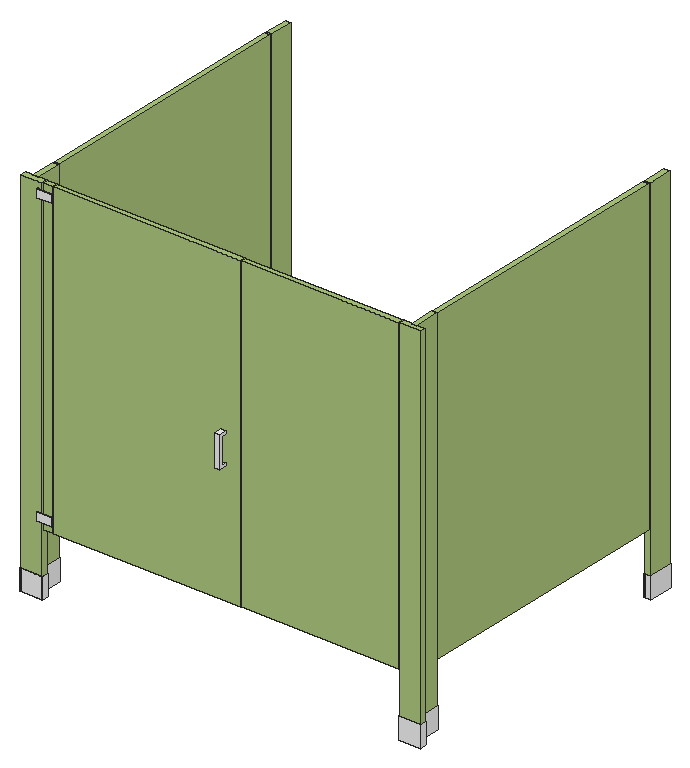
Revit family
Parameters (values of type "60x72 ADA")
  Width = 6' - 0"
  Warranty Duration (Years) = 5
  Trim and Hardware Material [instance] = ARCAT - Metal - Steel - Chrome Plated
  Test Data = ""
  Specification = "http://www.arcat.com/divs/sec/sec10150.shtml"
  Sales Information = ""
  Right Hinge = not(Left Hinge)  # no
  Product Properties = "http://www.arcat.com/bim/bim_info.pl?fn=Toilet-Partition-ADA"
  Product Data = "http://www.arcat.com/divs/sec/sec10150.shtml"
  Panel Material [instance] = ARCAT - Metal - Steel - 18 Ga Sheet_ Green
  Model = "Generic"  # constant formula
  Manufacturer Website = "http://www.arcat.com/"
  Manufacturer Phone - Toll Free = ""
  Manufacturer Phone = "(203) 929-9444"  # constant formula
  Manufacturer Fax = "(203) 939-2444"  # constant formula
  Manufacturer Email = "bim@arcat.com"  # constant formula
  Manufacturer Address = "1077 Bridgeport Ave, Shelton, CT  06484"  # constant formula
  Manufacturer = "Generic"  # constant formula
  Maintenance Schedule (Months) = 12
  Lock = "Quarter Turn Slide Latch - Emergency Access by lifting door"
  Left Hinge = yes
  Keynote = "10150"
  Installation_Fabricaton = ""
  Installation Phase = ""
  Height = 5' - 11"
  Green Building-LEED = "http://www.arcat.com/green/green_building.shtml"
  Fasteners = "Tamper resistant stainless steel screws w/ nylon anchors"
  Expected Lifespan (Years) = 15
  Drawn By = "Robert S. Weygant. CSI, CDT, SCIP"  # constant formula
  Door Opening = 3' - 0"
  Left of Door = if(Right Hinge, (Width - Door Opening - 0' 4"), 0' 4")  # 0' - 4"
  Description = "60x72 ADA Toilet Partition"
  Stall Depth = 5' - 0"
  Copyright = "2008, ARCAT, Inc."  # constant formula
  Construction Details = "http://www.arcat.com/divs/sec/sec10150.shtml"
  Building Codes = ""
  Assembly Code = "C1010400"
Types (6): name | Width | Description | Stall Depth
  Custom Size | 6' - 0" | "Custom Sized Toilet Partition" | 4' - 0"
  56x72 ADA | 6' - 0" | "56x72 ADA Toilet Partition" | 4' - 8"
  60x72 ADA | 6' - 0" | "60x72 ADA Toilet Partition" | 5' - 0"
  72x72 ADA | 6' - 0" | "72x72 ADAToilet Partition" | 6' - 0"
  56x60 ADA | 5' - 0" | "56x60 ADA Toilet Partition" | 4' - 8"
  60x60 ADA | 5' - 0" | "60x60 ADA Toilet Partition" | 5' - 0"
Reference planes (in)
  plane 1 "Center (Front/Back)": y = 0
  plane 2: z = 0
  plane 3 "Center (Left/Right)": x = 0
  plane 4: y = 0
  plane 5: x = -36
  plane 6: y = -60
  plane 7: x = 72
  plane 8: z = 71
Forms (in)
  Extrusion 1, solid, not visible
    sketch origin (-23.60937, 0, 0) x (1, 0, 0) y (0, 1, 0)
      loop
        arc (-6.25, 8) -> (-7.48744, 7.48744) -> (-8, 6.25) r 1.75
        line (-8, 6.25) -> (-8, -6.25)
        arc (-8, -6.25) -> (-7.48744, -7.48744) -> (-6.25, -8) r 1.75
        line (-6.25, -8) -> (6.25, -8)
        arc (6.25, -8) -> (7.48744, -7.48744) -> (8, -6.25) r 1.75
        line (8, -6.25) -> (8, 6.25)
        arc (8, 6.25) -> (7.48744, 7.48744) -> (6.25, 8) r 1.75
        line (6.25, 8) -> (-6.25, 8)
      loop
        arc (-6.25, 7.5) -> (-7.13388, 7.13388) -> (-7.5, 6.25) r 1.25
        line (-7.5, 6.25) -> (-7.5, -6.25)
        arc (-7.5, -6.25) -> (-7.13388, -7.13388) -> (-6.25, -7.5) r 1.25
        line (-6.25, -7.5) -> (6.25, -7.5)
        arc (6.25, -7.5) -> (7.13388, -7.13388) -> (7.5, -6.25) r 1.25
        line (7.5, -6.25) -> (7.5, 6.25)
        arc (7.5, 6.25) -> (7.13388, 7.13388) -> (6.25, 7.5) r 1.25
        line (6.25, 7.5) -> (-6.25, 7.5)
    from 0 to 7
  Extrusion 2, solid, not visible
    sketch origin (-23.60937, 0, 7) x (1, 0, 0) y (0, 1, 0)
      loop
        arc (-9.5, 10) -> (-9.85355, 9.85355) -> (-10, 9.5) r 0.5
        line (-10, 9.5) -> (-10, -9.5)
        arc (-10, -9.5) -> (-9.85355, -9.85355) -> (-9.5, -10) r 0.5
        line (-9.5, -10) -> (9.5, -10)
        arc (9.5, -10) -> (9.85355, -9.85355) -> (10, -9.5) r 0.5
        line (10, -9.5) -> (10, 9.5)
        arc (10, 9.5) -> (9.85355, 9.85355) -> (9.5, 10) r 0.5
        line (9.5, 10) -> (-9.5, 10)
      loop
        line (-7.5, 6.25) -> (-7.5, -6.25)
        arc (-7.5, -6.25) -> (-7.13388, -7.13388) -> (-6.25, -7.5) r 1.25
        line (-6.25, -7.5) -> (6.25, -7.5)
        arc (6.25, -7.5) -> (7.13388, -7.13388) -> (7.5, -6.25) r 1.25
        line (7.5, -6.25) -> (7.5, 6.25)
        arc (7.5, 6.25) -> (7.13388, 7.13388) -> (6.25, 7.5) r 1.25
        line (6.25, 7.5) -> (-6.25, 7.5)
        arc (-6.25, 7.5) -> (-7.13388, 7.13388) -> (-7.5, 6.25) r 1.25
    from 0 to 0.25
  Extrusion 3, solid, material "ARCAT - Metal - Steel - 18 Ga Sheet_ Green" <- "Panel Material"
    sketch origin (0, 0, 0) x (1, 0, 0) y (0, 1, 0)
      loop
        line (-2, -60) -> (-2, -61) -> (2, -61) -> (2, -60) -> (-2, -60)
    from 0 to 71
  Extrusion 4, solid, material "ARCAT - Metal - Steel - 18 Ga Sheet_ Green" <- "Panel Material"
    sketch origin (0, 0, 12) x (1, 0, 0) y (0, 1, 0)
      loop
        line (0.5, -55) -> (0.5, -5) -> (-0.5, -5) -> (-0.5, -55) -> (0.5, -55)
    from 0 to 59
  Extrusion 5, solid, material "ARCAT - Metal - Steel - 18 Ga Sheet_ Green" <- "Panel Material"
    sketch origin (0, 0, 0) x (1, 0, 0) y (0, 1, 0)
      loop
        line (-0.5, -60) -> (0.5, -60) -> (0.5, -55.25) -> (-0.5, -55.25) -> (-0.5, -60)
      loop
        line (-0.5, 0) -> (-0.5, -4.5) -> (0.5, -4.5) -> (0.5, 0) -> (-0.5, 0)
    from 0 to 71
  Extrusion 6, solid, material "ARCAT - Metal - Steel - 18 Ga Sheet_ Green" <- "Panel Material"
    sketch origin (34, 0, 12) x (1, 0, 0) y (0, 1, 0)
      loop
        line (38.5, -55) -> (38.5, -5) -> (37.5, -5) -> (37.5, -55) -> (38.5, -55)
    from 0 to 59
  Extrusion 7, solid, material "ARCAT - Metal - Steel - 18 Ga Sheet_ Green" <- "Panel Material"
    sketch origin (32.5, 0, 0) x (1, 0, 0) y (0, 1, 0)
      loop
        line (40, -60) -> (40, -55.25) -> (39, -55.25) -> (39, -60) -> (40, -60)
      loop
        line (39, 0) -> (39, -4.5) -> (40, -4.5) -> (40, 0) -> (39, 0)
    from 0 to 71
  Extrusion 8, solid, material "ARCAT - Metal - Steel - 18 Ga Sheet_ Green" <- "Panel Material"
    sketch origin (-4.0131, 0, 12) x (1, 0, 0) y (0, 1, 0)
      loop
        line (8.2631, -60) -> (8.2631, -61) -> (43.7631, -61) -> (43.7631, -60) -> (8.2631, -60)
    from 0 to 59
  Extrusion 9, solid, material "ARCAT - Metal - Steel - Chrome Plated" <- "Trim and Hardware Material"
    sketch origin (0, 0, 0) x (1, 0, 0) y (0, 1, 0)
      loop
        line (70, -61) -> (74, -61) -> (74, -60) -> (72.5, -60) -> (72.5, -55.25) -> (71.5, -55.25) -> (71.5, -60) -> (70, -60) -> (70, -61)
      loop
        line (72.625, -55.125) -> (71.375, -55.125) -> (71.375, -59.875) -> (69.875, -59.875) -> (69.875, -61.125) -> (74.125, -61.125) -> (74.125, -59.875) -> (72.625, -59.875) -> (72.625, -55.125)
    from 0 to 4
  Extrusion 10, solid, material "ARCAT - Metal - Steel - Chrome Plated" <- "Trim and Hardware Material"
    sketch origin (-34, 0, 0) x (1, 0, 0) y (0, 1, 0)
      loop
        line (32, -61) -> (36.0888, -61) -> (36.0888, -60) -> (34.5, -60) -> (34.5, -55.25) -> (33.5, -55.25) -> (33.5, -60) -> (32, -60) -> (32, -61)
      loop
        line (34.7138, -55.125) -> (33.375, -55.125) -> (33.375, -59.875) -> (31.875, -59.875) -> (31.875, -61.125) -> (36.2138, -61.125) -> (36.2138, -59.875) -> (34.7138, -59.875) -> (34.7138, -55.125)
    from 0 to 4
  Extrusion 11, solid, material "ARCAT - Metal - Steel - Chrome Plated" <- "Trim and Hardware Material"
    sketch origin (0, 0, 0) x (1, 0, 0) y (0, 1, 0)
      loop
        line (-0.5, 0) -> (-0.5, -4.5) -> (0.5, -4.5) -> (0.5, 0) -> (-0.5, 0)
      loop
        line (-0.625, 0.125) -> (-0.625, -4.625) -> (0.625, -4.625) -> (0.625, 0.125) -> (-0.625, 0.125)
    from 0 to 4
  Extrusion 12, solid, material "ARCAT - Metal - Steel - Chrome Plated" <- "Trim and Hardware Material"
    sketch origin (34, 0, 0) x (1, 0, 0) y (0, 1, 0)
      loop
        line (37.5, 0) -> (37.5, -4.5) -> (38.5, -4.5) -> (38.5, 0) -> (37.5, 0)
      loop
        line (37.375, 0.125) -> (37.375, -4.625) -> (38.625, -4.625) -> (38.625, 0.125) -> (37.375, 0.125)
    from 0 to 4
  Extrusion 13, solid, material "ARCAT - Metal - Steel - Chrome Plated" <- "Trim and Hardware Material", visible <- "Left Hinge"
    sketch origin (0, -59.5, 0) x (1, 0, 0) y (0, 0, 1)
      loop
        line (1.25, 13.20871) -> (4, 13.20871) -> (4, 14.70871) -> (1.25, 14.70871) -> (1.25, 13.20871)
      loop
        line (1.25, 69.79129) -> (1.25, 68.29129) -> (4, 68.29129) -> (4, 69.79129) -> (1.25, 69.79129)
    from 1.5 to 1.75
  Extrusion 14, solid, material "ARCAT - Metal - Steel - Chrome Plated" <- "Trim and Hardware Material", visible <- "Left Hinge"
    sketch origin (16.77971, -1, 5) x (0, 1, 0) y (0, 0, 1)
      loop
        line (-60, 36) -> (-61.5, 36) -> (-61.5, 30) -> (-60, 30) -> (-60, 30.5) -> (-61.125, 30.5) -> (-61.125, 35.5) -> (-60, 35.5) -> (-60, 36)
    from 19.22029 to 20.22029
  Extrusion 15, solid, material "ARCAT - Metal - Steel - 18 Ga Sheet_ Green" <- "Panel Material"
    sketch origin (34, 0, 0) x (1, 0, 0) y (0, 1, 0)
      loop
        line (36, -60) -> (36, -61) -> (40, -61) -> (40, -60) -> (36, -60)
    from 0 to 71
  Extrusion 16, solid, material "ARCAT - Metal - Steel - Chrome Plated" <- "Trim and Hardware Material", visible <- "Right Hinge"
    sketch origin (-6.75, -1, 5) x (0, 1, 0) y (0, 0, 1)
      loop
        line (-60, 36) -> (-61.5, 36) -> (-61.5, 30) -> (-60, 30) -> (-60, 30.5) -> (-61.125, 30.5) -> (-61.125, 35.5) -> (-60, 35.5) -> (-60, 36)
    from 13.75 to 14.75
  Extrusion 17, solid, material "ARCAT - Metal - Steel - Chrome Plated" <- "Trim and Hardware Material", visible <- "Right Hinge"
    sketch origin (40.75, -59.5, 0) x (1, 0, 0) y (0, 0, 1)
      loop
        line (27.25, 13.20871) -> (30, 13.20871) -> (30, 14.70871) -> (27.25, 14.70871) -> (27.25, 13.20871)
      loop
        line (27.25, 69.79129) -> (27.25, 68.29129) -> (30, 68.29129) -> (30, 69.79129) -> (27.25, 69.79129)
    from 1.5 to 1.75
  Extrusion 18, solid, material "ARCAT - Metal - Steel - 18 Ga Sheet_ Green" <- "Panel Material"
    sketch origin (30.3388, -48.75, 12) x (0, -1, 0) y (1, 0, 0)
      loop
        line (12.25, -28.125) -> (12.25, -26.3388) -> (11.25, -26.3388) -> (11.25, -28.125) -> (12.25, -28.125)
    from 0 to 59
  Extrusion 19, solid, material "ARCAT - Metal - Steel - 18 Ga Sheet_ Green" <- "Panel Material"
    sketch origin (76.55544, -48.75, 12) x (0, -1, 0) y (1, 0, 0)
      loop
        line (12.25, -36.55544) -> (12.25, -6.68044) -> (11.25, -6.68044) -> (11.25, -36.55544) -> (12.25, -36.55544)
    from 0 to 59
Lines and regions (in)
  symbolic lines, style "Door Swing", visible <- "Right Hinge"
    curve 1: line (40, -61, 0) -> (40, -97, 0)
    curve 2: arc (40, -97, 0) -> (14.54416, -86.45584, 0) -> (4, -61, 0) r 36
  symbolic lines, style "Door Swing", visible <- "Left Hinge"
    curve 3: line (4, -61, 0) -> (4, -97, 0)
    curve 4: arc (4, -97, 0) -> (29.45584, -86.45584, 0) -> (40, -61, 0) r 36
Dimensions and locks (in)
  "Width": plane 3 "Center (Left/Right)" to plane 7
  "Stall Depth": plane 6 to plane 1 "Center (Front/Back)"
  locked: Extrusion 13 to Extrusion 13 at 0.25
  locked: Extrusion 14 to Extrusion 14 at 1
  "Height": plane 8 to level
  locked: Extrusion 16 to Extrusion 16 at 1
  locked: Extrusion 8 to Extrusion 16 at 2.75
  locked: Extrusion 17 to Extrusion 17 at 0.25
  Extrusion 19 to plane 7 = 2' - 8"
  locked: Extrusion 18 to Extrusion 8 at 0.25
  locked: Extrusion 14 to Extrusion 8 at 2.75
  locked: Extrusion 8 to Extrusion 19 at 0.25
  "Door Opening": Extrusion 18 to Extrusion 19
  "Left of Door": plane 3 "Center (Left/Right)" to Extrusion 18
  "Door Opening": curve 1 to Extrusion 19
  "Door Opening": curve 4 to curve 3
  "Door Opening": radius of curve 2
  "Door Opening": radius of curve 4
  aligned and locked: plane 8 to Extrusion 3
  aligned and locked: plane 8 to Extrusion 5
  aligned and locked: plane 8 to Extrusion 8
  aligned and locked: Extrusion 13 to Extrusion 8  (x2)
  aligned and locked: plane 8 to Extrusion 15
  aligned and locked: plane 8 to Extrusion 7
  aligned and locked: plane 8 to Extrusion 4
  aligned and locked: plane 8 to Extrusion 6
  aligned and locked: Extrusion 17 to Extrusion 8
  aligned and locked: plane 6 to Extrusion 18
  aligned and locked: Extrusion 3 to Extrusion 18
  aligned and locked: Extrusion 18 to Extrusion 10
  aligned and locked: Extrusion 19 to plane 6
  aligned and locked: Extrusion 19 to Extrusion 9
  aligned and locked: Extrusion 7 to Extrusion 12  (x2)
  aligned and locked: Extrusion 7 to Extrusion 9  (x2)
  aligned and locked: Extrusion 19 to curve 4
  aligned and locked: curve 3 to Extrusion 18
Automatic sketch dimensions
  Extrusion 3 sketch curve to plane 6 = 0' - 0"
  Extrusion 3 sketch curve to plane 3 "Center (Left/Right)" = 0' - 2"
  plane 3 "Center (Left/Right)" to Extrusion 3 sketch curve = 0' - 2"
  Extrusion 3 sketch curve to Extrusion 3 sketch curve = 0' - 1"
  Extrusion 4 sketch curve to plane 3 "Center (Left/Right)" = 0' - 0 1/2"
  plane 3 "Center (Left/Right)" to Extrusion 4 sketch curve = 0' - 0 1/2"
  plane 6 to Extrusion 4 sketch curve = 0' - 5"
  plane 1 "Center (Front/Back)" to Extrusion 4 sketch curve = 0' - 5"
  Extrusion 5 sketch curve to plane 6 = 0' - 0"
  Extrusion 5 sketch curve to plane 1 "Center (Front/Back)" = 0' - 0"
  Extrusion 5 sketch curve to plane 3 "Center (Left/Right)" = 0' - 0 1/2"  (x2)
  plane 3 "Center (Left/Right)" to Extrusion 5 sketch curve = 0' - 0 1/2"  (x2)
  plane 6 to Extrusion 5 sketch curve = 0' - 4 3/4"
  plane 1 "Center (Front/Back)" to Extrusion 5 sketch curve = 0' - 4 1/2"
  Extrusion 6 sketch curve to plane 7 = 0' - 0 1/2"
  plane 7 to Extrusion 6 sketch curve = 0' - 0 1/2"
  plane 6 to Extrusion 6 sketch curve = 0' - 5"
  plane 1 "Center (Front/Back)" to Extrusion 6 sketch curve = 0' - 5"
  Extrusion 7 sketch curve to plane 6 = 0' - 0"
  Extrusion 7 sketch curve to plane 1 "Center (Front/Back)" = 0' - 0"
  plane 7 to Extrusion 7 sketch curve = 0' - 0 1/2"  (x2)
  Extrusion 7 sketch curve to plane 7 = 0' - 0 1/2"  (x2)
  Extrusion 7 sketch curve to Extrusion 7 sketch curve = 0' - 4 3/4"
  plane 1 "Center (Front/Back)" to Extrusion 7 sketch curve = 0' - 4 1/2"
  Extrusion 8 sketch curve to plane 6 = 0' - 0"
  Extrusion 8 sketch curve to plane 6 = 0' - 1"
  plane 3 "Center (Left/Right)" to Extrusion 8 sketch curve = 0' - 4 1/4"
  Extrusion 8 sketch curve to plane 7 = 2' - 8 1/4"
  Extrusion 9 sketch curve to plane 6 = 0' - 0"  (x2)
  plane 6 to Extrusion 9 sketch curve = 0' - 0 1/8"  (x2)
  Extrusion 9 sketch curve to plane 7 = 0' - 2 1/8"
  Extrusion 9 sketch curve to Extrusion 9 sketch curve = 0' - 0 1/8"  (x6)
  Extrusion 9 sketch curve to plane 7 = 0' - 0 5/8"
  plane 7 to Extrusion 9 sketch curve = 0' - 0 1/2"
  Extrusion 9 sketch curve to Extrusion 9 sketch curve = 0' - 1 3/8"
  Extrusion 9 sketch curve to plane 6 = 0' - 1"
  Extrusion 9 sketch curve to Extrusion 9 sketch curve = 0' - 4 5/8"
  Extrusion 10 sketch curve to plane 6 = 0' - 0"  (x2)
  plane 6 to Extrusion 10 sketch curve = 0' - 0 1/8"  (x2)
  Extrusion 10 sketch curve to plane 3 "Center (Left/Right)" = 0' - 2 1/8"
  Extrusion 10 sketch curve to Extrusion 10 sketch curve = 0' - 0 1/8"  (x5)
  Extrusion 10 sketch curve to plane 3 "Center (Left/Right)" = 0' - 0 5/8"
  plane 3 "Center (Left/Right)" to Extrusion 10 sketch curve = 0' - 0 1/2"
  Extrusion 10 sketch curve to Extrusion 10 sketch curve = 0' - 0.2138"
  Extrusion 10 sketch curve to Extrusion 10 sketch curve = 0' - 1 3/8"
  Extrusion 10 sketch curve to plane 6 = 0' - 1"
  Extrusion 10 sketch curve to Extrusion 10 sketch curve = 0' - 4 5/8"
  Extrusion 11 sketch curve to plane 1 "Center (Front/Back)" = 0' - 0"
  Extrusion 11 sketch curve to plane 1 "Center (Front/Back)" = 0' - 0 1/8"
  Extrusion 11 sketch curve to plane 3 "Center (Left/Right)" = 0' - 0 5/8"
  Extrusion 11 sketch curve to Extrusion 11 sketch curve = 0' - 0 1/8"  (x3)
  plane 3 "Center (Left/Right)" to Extrusion 11 sketch curve = 0' - 0 1/2"
  plane 1 "Center (Front/Back)" to Extrusion 11 sketch curve = 0' - 4 1/2"
  Extrusion 12 sketch curve to plane 1 "Center (Front/Back)" = 0' - 0"
  Extrusion 12 sketch curve to plane 1 "Center (Front/Back)" = 0' - 0 1/8"
  Extrusion 12 sketch curve to plane 7 = 0' - 0 5/8"
  Extrusion 12 sketch curve to Extrusion 12 sketch curve = 0' - 0 1/8"  (x3)
  plane 7 to Extrusion 12 sketch curve = 0' - 0 1/2"
  plane 1 "Center (Front/Back)" to Extrusion 12 sketch curve = 0' - 4 1/2"
  plane 3 "Center (Left/Right)" to Extrusion 13 sketch curve = 0' - 1 1/4"  (x2)
  Extrusion 13 sketch curve to Extrusion 13 sketch curve = 0' - 2 3/4"  (x2)
  Extrusion 13 sketch curve to plane 8 = 0' - 1.20871"
  Extrusion 13 sketch curve to Extrusion 13 sketch curve = 0' - 1 1/2"  (x2)
  level to Extrusion 13 sketch curve = 1' - 2.70871"
  Extrusion 14 sketch curve to plane 6 = 0' - 2 1/2"
  Extrusion 14 sketch curve to Extrusion 14 sketch curve = 0' - 0 3/8"
  Extrusion 14 sketch curve to plane 6 = 0' - 1"  (x2)
  level to Extrusion 14 sketch curve = 2' - 11"
  Extrusion 14 sketch curve to Extrusion 14 sketch curve = 0' - 0 1/2"  (x2)
  Extrusion 14 sketch curve to Extrusion 14 sketch curve = 0' - 5"
  Extrusion 15 sketch curve to plane 6 = 0' - 0"
  Extrusion 15 sketch curve to plane 6 = 0' - 1"
  Extrusion 15 sketch curve to plane 7 = 0' - 2"
  plane 7 to Extrusion 15 sketch curve = 0' - 2"
  Extrusion 16 sketch curve to plane 6 = 0' - 2 1/2"
  Extrusion 16 sketch curve to Extrusion 16 sketch curve = 0' - 0 3/8"
  Extrusion 16 sketch curve to plane 6 = 0' - 1"  (x2)
  level to Extrusion 16 sketch curve = 2' - 11"
  Extrusion 16 sketch curve to Extrusion 16 sketch curve = 0' - 0 1/2"  (x2)
  Extrusion 16 sketch curve to Extrusion 16 sketch curve = 0' - 5"
  Extrusion 17 sketch curve to plane 7 = 0' - 4"  (x2)
  Extrusion 17 sketch curve to plane 7 = 0' - 1 1/4"  (x2)
  level to Extrusion 17 sketch curve = 1' - 1.20871"
  Extrusion 17 sketch curve to Extrusion 17 sketch curve = 0' - 1 1/2"
  Extrusion 17 sketch curve to plane 8 = 0' - 2.70871"
  Extrusion 17 sketch curve to plane 8 = 0' - 1.20871"
  Extrusion 18 sketch curve to plane 6 = 0' - 0"
  Extrusion 18 sketch curve to plane 6 = 0' - 1"
  plane 3 "Center (Left/Right)" to Extrusion 18 sketch curve = 0' - 2.2138"
  Extrusion 18 sketch curve to Extrusion 18 sketch curve = 0' - 1.7862"
  Extrusion 19 sketch curve to plane 6 = 0' - 0"
  Extrusion 19 sketch curve to plane 6 = 0' - 1"
  Extrusion 19 sketch curve to plane 7 = 2' - 8"
  Extrusion 19 sketch curve to plane 7 = 0' - 2 1/8"
